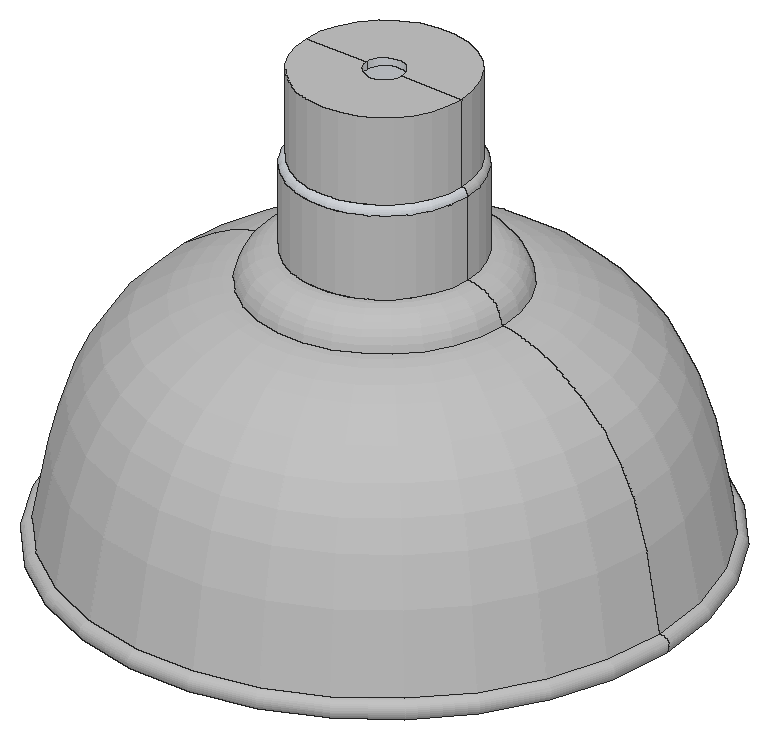
Revit family "W508 SHADE ", category Lighting Fixtures, Revit 2024
Family settings
  Round Connector Dimension = Use Diameter
  Part Type = Normal
  OmniClass Number = 23.80.70.00
  OmniClass Title = Lighting
  Work Plane-Based = No
  Always vertical = Yes
  Cut with Voids When Loaded = No
  Light Source = Yes
  Maintain Annotation Orientation = No
  Shared = No
  Room Calculation Point = No
Parameters
  Wattage = 12.1178 W
  built-in parameter 1150110 = 1 (stored number, unit not read)
  built-in parameter 1114217 = 1 (stored number, unit not read)
  built-in parameter 1150109 = 1 (stored number, unit not read)
  built-in parameter 1150134 = (empty or 0)
  built-in parameter 1150113 = 1 (stored number, unit not read)
  Lumens = 1800 lm
  built-in parameter 1150115 = 1 (stored number, unit not read)
  built-in parameter 1150105 = 572.96 (stored number, unit not read)
  Light Source Symbol Size = 2' - 0"
  built-in parameter 1150137 = (empty or 0)
  built-in parameter 1150139 = (empty or 0)
  built-in parameter 1150112 = 1 (stored number, unit not read)
  built-in parameter 1150114 = 1 (stored number, unit not read)
  built-in parameter 1150132 = 2
  built-in parameter 1150102 = (empty or 0)
  built-in parameter 1150138 = (empty or 0)
  built-in parameter 1150107 = 3000 (stored number, unit not read)
  built-in parameter 1150106 = 5.7296 (stored number, unit not read)
  built-in parameter 1150104 = 13.8 (stored number, unit not read)
  Dimming Lamp Color Temperature Shift = (empty or 0)
  Default Elevation = 0' - 0"
  Color Filter = 16777215
  built-in parameter 1114218 = 1 (stored number, unit not read)
  built-in parameter 1150133 = 10 (stored number, unit not read)
Reference planes (in)
  plane 1 "Light Source Axis (F/B)": y = 0
  plane 2: z = 0
  plane 3 "Light Source Axis (L/R)": x = 0
  plane 4 "Light Source Elevation": z = 84
Forms (in)
  Revolve 1, solid
    sketch origin (0, 0, 0) x (1, 0, 0) y (0, 0, 1)
      loop
        line (-0.25, 90) -> (-1.093, 90) -> (-1.093, 88.9)
        arc (-1.093, 88.9) -> (-1.14693, 88.86232) -> (-1.168, 88.8) r 0.10538
        line (-1.168, 88.8) -> (-1.168, 87.75)
        arc (-1.168, 87.75) -> (-1.49786, 87.64643) -> (-1.66286, 87.3426) r 0.46084
        spline (-1.66286, 87.3426) -> (-1.94117, 87.29569) -> (-2.28197, 87.15671) -> (-2.58, 86.9871) -> (-2.82455, 86.80541) -> (-3.03715, 86.60055) -> (-3.21235, 86.37882) -> (-3.35091, 86.15297) -> (-3.46517, 85.92162) -> (-3.57256, 85.64821) -> (-3.67666, 85.30016) -> (-3.77375, 84.84847) -> (-3.875, 84.25)
        arc (-3.875, 84.25) -> (-3.92325, 84.00969) -> (-3.78598, 84.21275) r 0.125
        spline (-3.78598, 84.21275) -> (-3.68623, 84.81233) -> (-3.59112, 85.26083) -> (-3.48969, 85.60334) -> (-3.38523, 85.87151) -> (-3.27461, 86.09705) -> (-3.14075, 86.31659) -> (-2.97309, 86.52997) -> (-2.76874, 86.72797) -> (-2.5328, 86.90421) -> (-2.24277, 87.07033) -> (-1.91614, 87.20477) -> (-1.66286, 87.24885)
        arc (-1.66286, 87.24885) -> (-1.60405, 87.26934) -> (-1.57071, 87.32193) r 0.09463
        arc (-1.57071, 87.32193) -> (-1.40017, 87.60153) -> (-1.07425, 87.63367) r 0.36709
        line (-1.07425, 87.63367) -> (-1.07425, 88.8)
        arc (-1.07425, 88.8) -> (-1.02008, 88.8375) -> (-0.99925, 88.9) r 0.10417
        line (-0.99925, 88.9) -> (-0.99925, 89.90625) -> (-0.25, 89.90625) -> (-0.25, 90)
      axis (0, 90) -> (0, 84.21275)
    angle from 0 to 360
Dimensions and locks (in)
  aligned and locked: plane 3 "Light Source Axis (L/R)" to imposter light
  aligned and locked: plane 1 "Light Source Axis (F/B)" to imposter light
  aligned and locked: plane 4 "Light Source Elevation" to imposter light
  aligned and locked: level to plane 2
